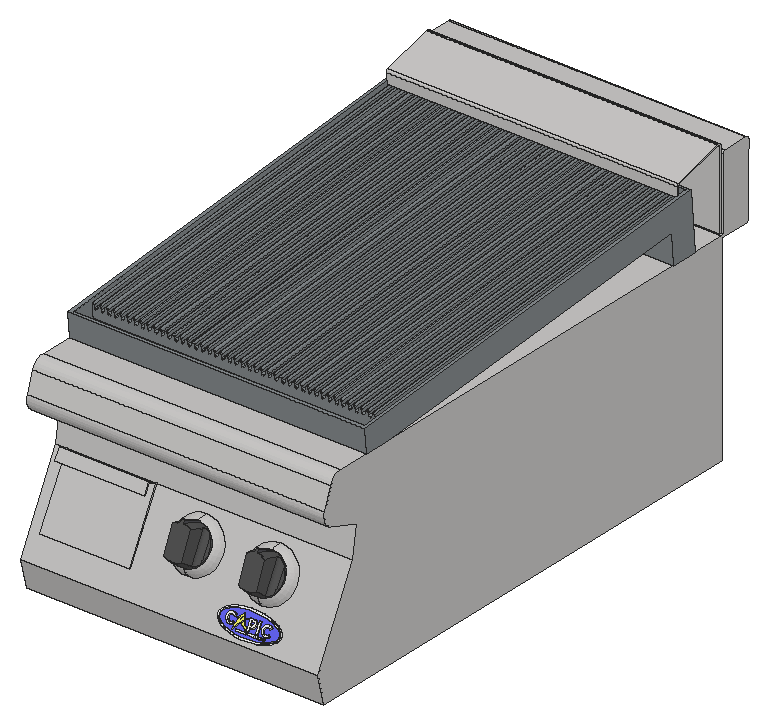
Revit family "QF_CAPIC_AVEN_W540911", category Equipement spécialisé, Revit 2018
Family settings
  Cote de connecteur circulaire = Utiliser le diamètre
  Type d'élément = Normal
  Numéro OmniClass = 23.40.40.14
  Titre OmniClass = Food Service Equipment
  Basée sur le plan de construction = Non
  Toujours verticalement = Oui
  Couper avec des vides une fois chargée = Non
  Partagée = Non
  Point de calcul de pièce = Non
Parameters (values of type "400 x 725 x 270 mm")
  URL catalogue = "http://www.capic-fr.com/fr/"
  Type de Raccord Plomberie [instance] = ""
  Type de Raccord Electrique [instance] = "Bornier interne"
  Type de Gaz = ""
  Type article [instance] = ""
  Tension = 400 V
  Spécification du Fabricant = ""
  Show Logo = yes
  Remarques evacuation [instance] = ""
  Remarques Plomberie [instance] = ""
  Remarques Electricité [instance] = "400Vx3 +T+N"
  Puissance électrique  = 5000 W
  Puissance Gaz kW = 0
  Profondeur hors tout = 725 mm
  Pression Maximum Eau Adoucie = 0.0 Pa
  Poids net à vide = 45.00 kg
  Phase = 0
  Modèle = "W540911"
  Longueur hors tout = 400 mm
  Intensité nominale = 0 A
  Hauteur hors tout = 390 mm
  Hauteur de Raccordement du Sol Finis = 703 mm
  Hauteur de Raccordement Gaz du Sol Finis = 0 mm
  Hauteur de Raccordement Evacuation Directe du Sol Finis = 0 mm
  Hauteur de Raccordement Eau Froide du Sol Finis = 0 mm
  Hauteur de Raccordement Eau Chaude du Sol Finis = 0 mm
  Hauteur de Raccordement Eau Adoucie du Sol Finis = 0 mm
  Fréquence = 50 Hz
  Fabricant = "CAPIC"
  Débit d'air d'extraction = 0.0 m³/h
  Débit Gaz = 0.0 L/s
  Débit Eau Froide = 0.0 L/s
  Débit Eau Chaude = 0.0 L/s
  Débit Eau Adoucie = 0.0 L/s
  Diamètre de Raccordement Gaz = 0 mm
  Diamètre de Raccordement Evacuation = 0 mm
  Diamètre de Raccordement Eau Froide = 0 mm
  Diamètre de Raccordement Eau Chaude = 0 mm
  Diamètre de Raccordement Eau Adoucie = 0 mm
  Description = "Grill fonte nervuré"
  Assembly Code = ""
  Classification  Omniclass nombre et titre = "23.40.40.14"
Reference planes
  plane 1 "Centre (avant/arrière)": y = 0
  plane 2: z = 0
  plane 3 "Centre (gauche/droite)": x = 0
  plane 4: x = 400
Forms (mm)
  Extrusion 1, solid, material "QF_Stainless Steel-Brushed"
    sketch origin (0, -45.05, 638) x (0, 1, 0) y (0, 0, 1)
      loop
        line (1.05, 270.397) -> (-641.347, 270.397)
        arc (-641.347, 270.397) -> (-651.671, 267.142) -> (-658.261, 258.553) r 18
        line (-658.261, 258.553) -> (-667.837, 232.245)
        arc (-667.837, 232.245) -> (-667.236, 218.482) -> (-657.078, 209.174) r 18
        line (-657.078, 209.174) -> (-613.251, 193.222) -> (-619.754, 152.161) -> (-680.074, 38.717) -> (-668.972, 0) -> (0, 0) -> (0, 268.397) -> (42.05, 268.397) -> (44.05, 270.397) -> (44.05, 356.397) -> (45.05, 356.397) -> (45.05, 368.397)
        arc (45.05, 368.397) -> (43.878, 371.225) -> (41.05, 372.397) r 4
        line (41.05, 372.397) -> (7.05, 372.397)
        arc (7.05, 372.397) -> (4.222, 371.225) -> (3.05, 368.397) r 4
        line (3.05, 368.397) -> (3.05, 272.397)
        arc (3.05, 272.397) -> (2.464, 270.983) -> (1.05, 270.397) r 2
    from 0 to 400
  Extrusion 2, solid, material "QF_Cast Iron"
    sketch origin (0, 258.019, -182.231) x (0, 0.996195, 0.087156) y (0, -0.087156, 0.996195)
      loop
        line (-251.64, 1196.809) -> (-801.64, 1196.809) -> (-801.64, 1164.928) -> (-765.992, 1161.809) -> (-286.64, 1161.809) -> (-286.64, 1119.871) -> (-251.64, 1116.809) -> (-251.64, 1196.809)
    from 0 to 400
  Extrusion 3, void
    sketch origin (0, 258.019, -182.231) x (0, 0.996195, 0.087156) y (0, -0.087156, 0.996195)
      loop
        line (-255.64, 1196.809) -> (-797.64, 1196.809) -> (-797.64, 1171.809) -> (-255.64, 1171.809) -> (-255.64, 1196.809)
    from 4 to 396
  Extrusion 4, solid, material "QF_Cast Iron"
    sketch origin (0, 258.019, -182.231) x (1, 0, 0) y (0, -0.087156, 0.996195)
      loop
        line (4, 1171.809) -> (396, 1171.809) -> (396, 1191.809) -> (393, 1191.809)
        arc (393, 1191.809) -> (391.586, 1191.223) -> (391, 1189.809) r 2
        line (391, 1189.809) -> (391, 1186.809)
        arc (391, 1186.809) -> (390.414, 1185.395) -> (389, 1184.809) r 2
        line (389, 1184.809) -> (388, 1184.809)
        arc (388, 1184.809) -> (386.586, 1185.395) -> (386, 1186.809) r 2
        line (386, 1186.809) -> (386, 1189.809)
        arc (386, 1189.809) -> (385.414, 1191.223) -> (384, 1191.809) r 2
        arc (384, 1191.809) -> (382.586, 1191.223) -> (382, 1189.809) r 2
        line (382, 1189.809) -> (382, 1186.809)
        arc (382, 1186.809) -> (381.414, 1185.395) -> (380, 1184.809) r 2
        line (380, 1184.809) -> (379, 1184.809)
        arc (379, 1184.809) -> (377.586, 1185.395) -> (377, 1186.809) r 2
        line (377, 1186.809) -> (377, 1189.809)
        arc (377, 1189.809) -> (376.414, 1191.223) -> (375, 1191.809) r 2
        arc (375, 1191.809) -> (373.586, 1191.223) -> (373, 1189.809) r 2
        line (373, 1189.809) -> (373, 1186.809)
        arc (373, 1186.809) -> (372.414, 1185.395) -> (371, 1184.809) r 2
        line (371, 1184.809) -> (370, 1184.809)
        arc (370, 1184.809) -> (368.586, 1185.395) -> (368, 1186.809) r 2
        line (368, 1186.809) -> (368, 1189.809)
        arc (368, 1189.809) -> (367.414, 1191.223) -> (366, 1191.809) r 2
        arc (366, 1191.809) -> (364.586, 1191.223) -> (364, 1189.809) r 2
        line (364, 1189.809) -> (364, 1186.809)
        arc (364, 1186.809) -> (363.414, 1185.395) -> (362, 1184.809) r 2
        line (362, 1184.809) -> (361, 1184.809)
        arc (361, 1184.809) -> (359.586, 1185.395) -> (359, 1186.809) r 2
        line (359, 1186.809) -> (359, 1189.809)
        arc (359, 1189.809) -> (358.414, 1191.223) -> (357, 1191.809) r 2
        arc (357, 1191.809) -> (355.586, 1191.223) -> (355, 1189.809) r 2
        line (355, 1189.809) -> (355, 1186.809)
        arc (355, 1186.809) -> (354.414, 1185.395) -> (353, 1184.809) r 2
        line (353, 1184.809) -> (352, 1184.809)
        arc (352, 1184.809) -> (350.586, 1185.395) -> (350, 1186.809) r 2
        line (350, 1186.809) -> (350, 1189.809)
        arc (350, 1189.809) -> (349.414, 1191.223) -> (348, 1191.809) r 2
        arc (348, 1191.809) -> (346.586, 1191.223) -> (346, 1189.809) r 2
        line (346, 1189.809) -> (346, 1186.809)
        arc (346, 1186.809) -> (345.414, 1185.395) -> (344, 1184.809) r 2
        line (344, 1184.809) -> (343, 1184.809)
        arc (343, 1184.809) -> (341.586, 1185.395) -> (341, 1186.809) r 2
        line (341, 1186.809) -> (341, 1189.809)
        arc (341, 1189.809) -> (340.414, 1191.223) -> (339, 1191.809) r 2
        arc (339, 1191.809) -> (337.586, 1191.223) -> (337, 1189.809) r 2
        line (337, 1189.809) -> (337, 1186.809)
        arc (337, 1186.809) -> (336.414, 1185.395) -> (335, 1184.809) r 2
        line (335, 1184.809) -> (334, 1184.809)
        arc (334, 1184.809) -> (332.586, 1185.395) -> (332, 1186.809) r 2
        line (332, 1186.809) -> (332, 1189.809)
        arc (332, 1189.809) -> (331.414, 1191.223) -> (330, 1191.809) r 2
        arc (330, 1191.809) -> (328.586, 1191.223) -> (328, 1189.809) r 2
        line (328, 1189.809) -> (328, 1186.809)
        arc (328, 1186.809) -> (327.414, 1185.395) -> (326, 1184.809) r 2
        line (326, 1184.809) -> (325, 1184.809)
        arc (325, 1184.809) -> (323.586, 1185.395) -> (323, 1186.809) r 2
        line (323, 1186.809) -> (323, 1189.809)
        arc (323, 1189.809) -> (322.414, 1191.223) -> (321, 1191.809) r 2
        arc (321, 1191.809) -> (319.586, 1191.223) -> (319, 1189.809) r 2
        line (319, 1189.809) -> (319, 1186.809)
        arc (319, 1186.809) -> (318.414, 1185.395) -> (317, 1184.809) r 2
        line (317, 1184.809) -> (316, 1184.809)
        arc (316, 1184.809) -> (314.586, 1185.395) -> (314, 1186.809) r 2
        line (314, 1186.809) -> (314, 1189.809)
        arc (314, 1189.809) -> (313.414, 1191.223) -> (312, 1191.809) r 2
        arc (312, 1191.809) -> (310.586, 1191.223) -> (310, 1189.809) r 2
        line (310, 1189.809) -> (310, 1186.809)
        arc (310, 1186.809) -> (309.414, 1185.395) -> (308, 1184.809) r 2
        line (308, 1184.809) -> (307, 1184.809)
        arc (307, 1184.809) -> (305.586, 1185.395) -> (305, 1186.809) r 2
        line (305, 1186.809) -> (305, 1189.809)
        arc (305, 1189.809) -> (304.414, 1191.223) -> (303, 1191.809) r 2
        arc (303, 1191.809) -> (301.586, 1191.223) -> (301, 1189.809) r 2
        line (301, 1189.809) -> (301, 1186.809)
        arc (301, 1186.809) -> (300.414, 1185.395) -> (299, 1184.809) r 2
        line (299, 1184.809) -> (298, 1184.809)
        arc (298, 1184.809) -> (296.586, 1185.395) -> (296, 1186.809) r 2
        line (296, 1186.809) -> (296, 1189.809)
        arc (296, 1189.809) -> (295.414, 1191.223) -> (294, 1191.809) r 2
        arc (294, 1191.809) -> (292.586, 1191.223) -> (292, 1189.809) r 2
        line (292, 1189.809) -> (292, 1186.809)
        arc (292, 1186.809) -> (291.414, 1185.395) -> (290, 1184.809) r 2
        line (290, 1184.809) -> (289, 1184.809)
        arc (289, 1184.809) -> (287.586, 1185.395) -> (287, 1186.809) r 2
        line (287, 1186.809) -> (287, 1189.809)
        arc (287, 1189.809) -> (286.414, 1191.223) -> (285, 1191.809) r 2
        arc (285, 1191.809) -> (283.586, 1191.223) -> (283, 1189.809) r 2
        line (283, 1189.809) -> (283, 1186.809)
        arc (283, 1186.809) -> (282.414, 1185.395) -> (281, 1184.809) r 2
        line (281, 1184.809) -> (280, 1184.809)
        arc (280, 1184.809) -> (278.586, 1185.395) -> (278, 1186.809) r 2
        line (278, 1186.809) -> (278, 1189.809)
        arc (278, 1189.809) -> (277.414, 1191.223) -> (276, 1191.809) r 2
        arc (276, 1191.809) -> (274.586, 1191.223) -> (274, 1189.809) r 2
        line (274, 1189.809) -> (274, 1186.809)
        arc (274, 1186.809) -> (273.414, 1185.395) -> (272, 1184.809) r 2
        line (272, 1184.809) -> (271, 1184.809)
        arc (271, 1184.809) -> (269.586, 1185.395) -> (269, 1186.809) r 2
        line (269, 1186.809) -> (269, 1189.809)
        arc (269, 1189.809) -> (268.414, 1191.223) -> (267, 1191.809) r 2
        arc (267, 1191.809) -> (265.586, 1191.223) -> (265, 1189.809) r 2
        line (265, 1189.809) -> (265, 1186.809)
        arc (265, 1186.809) -> (264.414, 1185.395) -> (263, 1184.809) r 2
        line (263, 1184.809) -> (262, 1184.809)
        arc (262, 1184.809) -> (260.586, 1185.395) -> (260, 1186.809) r 2
        line (260, 1186.809) -> (260, 1189.809)
        arc (260, 1189.809) -> (259.414, 1191.223) -> (258, 1191.809) r 2
        arc (258, 1191.809) -> (256.586, 1191.223) -> (256, 1189.809) r 2
        line (256, 1189.809) -> (256, 1186.809)
        arc (256, 1186.809) -> (255.414, 1185.395) -> (254, 1184.809) r 2
        line (254, 1184.809) -> (253, 1184.809)
        arc (253, 1184.809) -> (251.586, 1185.395) -> (251, 1186.809) r 2
        line (251, 1186.809) -> (251, 1189.809)
        arc (251, 1189.809) -> (250.414, 1191.223) -> (249, 1191.809) r 2
        arc (249, 1191.809) -> (247.586, 1191.223) -> (247, 1189.809) r 2
        line (247, 1189.809) -> (247, 1186.809)
        arc (247, 1186.809) -> (246.414, 1185.395) -> (245, 1184.809) r 2
        line (245, 1184.809) -> (244, 1184.809)
        arc (244, 1184.809) -> (242.586, 1185.395) -> (242, 1186.809) r 2
        line (242, 1186.809) -> (242, 1189.809)
        arc (242, 1189.809) -> (241.414, 1191.223) -> (240, 1191.809) r 2
        arc (240, 1191.809) -> (238.586, 1191.223) -> (238, 1189.809) r 2
        line (238, 1189.809) -> (238, 1186.809)
        arc (238, 1186.809) -> (237.414, 1185.395) -> (236, 1184.809) r 2
        line (236, 1184.809) -> (235, 1184.809)
        arc (235, 1184.809) -> (233.586, 1185.395) -> (233, 1186.809) r 2
        line (233, 1186.809) -> (233, 1189.809)
        arc (233, 1189.809) -> (232.414, 1191.223) -> (231, 1191.809) r 2
        arc (231, 1191.809) -> (229.586, 1191.223) -> (229, 1189.809) r 2
        line (229, 1189.809) -> (229, 1186.809)
        arc (229, 1186.809) -> (228.414, 1185.395) -> (227, 1184.809) r 2
        line (227, 1184.809) -> (226, 1184.809)
        arc (226, 1184.809) -> (224.586, 1185.395) -> (224, 1186.809) r 2
        line (224, 1186.809) -> (224, 1189.809)
        arc (224, 1189.809) -> (223.414, 1191.223) -> (222, 1191.809) r 2
        arc (222, 1191.809) -> (220.586, 1191.223) -> (220, 1189.809) r 2
        line (220, 1189.809) -> (220, 1186.809)
        arc (220, 1186.809) -> (219.414, 1185.395) -> (218, 1184.809) r 2
        line (218, 1184.809) -> (217, 1184.809)
        arc (217, 1184.809) -> (215.586, 1185.395) -> (215, 1186.809) r 2
        line (215, 1186.809) -> (215, 1189.809)
        arc (215, 1189.809) -> (214.414, 1191.223) -> (213, 1191.809) r 2
        arc (213, 1191.809) -> (211.586, 1191.223) -> (211, 1189.809) r 2
        line (211, 1189.809) -> (211, 1186.809)
        arc (211, 1186.809) -> (210.414, 1185.395) -> (209, 1184.809) r 2
        line (209, 1184.809) -> (208, 1184.809)
        arc (208, 1184.809) -> (206.586, 1185.395) -> (206, 1186.809) r 2
        line (206, 1186.809) -> (206, 1189.809)
        arc (206, 1189.809) -> (205.414, 1191.223) -> (204, 1191.809) r 2
        arc (204, 1191.809) -> (202.586, 1191.223) -> (202, 1189.809) r 2
        line (202, 1189.809) -> (202, 1186.809)
        arc (202, 1186.809) -> (201.414, 1185.395) -> (200, 1184.809) r 2
        line (200, 1184.809) -> (199, 1184.809)
        arc (199, 1184.809) -> (197.586, 1185.395) -> (197, 1186.809) r 2
        line (197, 1186.809) -> (197, 1189.809)
        arc (197, 1189.809) -> (196.414, 1191.223) -> (195, 1191.809) r 2
        arc (195, 1191.809) -> (193.586, 1191.223) -> (193, 1189.809) r 2
        line (193, 1189.809) -> (193, 1186.809)
        arc (193, 1186.809) -> (192.414, 1185.395) -> (191, 1184.809) r 2
        line (191, 1184.809) -> (190, 1184.809)
        arc (190, 1184.809) -> (188.586, 1185.395) -> (188, 1186.809) r 2
        line (188, 1186.809) -> (188, 1189.809)
        arc (188, 1189.809) -> (187.414, 1191.223) -> (186, 1191.809) r 2
        arc (186, 1191.809) -> (184.586, 1191.223) -> (184, 1189.809) r 2
        line (184, 1189.809) -> (184, 1186.809)
        arc (184, 1186.809) -> (183.414, 1185.395) -> (182, 1184.809) r 2
        line (182, 1184.809) -> (181, 1184.809)
        arc (181, 1184.809) -> (179.586, 1185.395) -> (179, 1186.809) r 2
        line (179, 1186.809) -> (179, 1189.809)
        arc (179, 1189.809) -> (178.414, 1191.223) -> (177, 1191.809) r 2
        arc (177, 1191.809) -> (175.586, 1191.223) -> (175, 1189.809) r 2
        line (175, 1189.809) -> (175, 1186.809)
        arc (175, 1186.809) -> (174.414, 1185.395) -> (173, 1184.809) r 2
        line (173, 1184.809) -> (172, 1184.809)
        arc (172, 1184.809) -> (170.586, 1185.395) -> (170, 1186.809) r 2
        line (170, 1186.809) -> (170, 1189.809)
        arc (170, 1189.809) -> (169.414, 1191.223) -> (168, 1191.809) r 2
        arc (168, 1191.809) -> (166.586, 1191.223) -> (166, 1189.809) r 2
        line (166, 1189.809) -> (166, 1186.809)
        arc (166, 1186.809) -> (165.414, 1185.395) -> (164, 1184.809) r 2
        line (164, 1184.809) -> (163, 1184.809)
        arc (163, 1184.809) -> (161.586, 1185.395) -> (161, 1186.809) r 2
        line (161, 1186.809) -> (161, 1189.809)
        arc (161, 1189.809) -> (160.414, 1191.223) -> (159, 1191.809) r 2
        arc (159, 1191.809) -> (157.586, 1191.223) -> (157, 1189.809) r 2
        line (157, 1189.809) -> (157, 1186.809)
        arc (157, 1186.809) -> (156.414, 1185.395) -> (155, 1184.809) r 2
        line (155, 1184.809) -> (154, 1184.809)
        arc (154, 1184.809) -> (152.586, 1185.395) -> (152, 1186.809) r 2
        line (152, 1186.809) -> (152, 1189.809)
        arc (152, 1189.809) -> (151.414, 1191.223) -> (150, 1191.809) r 2
        arc (150, 1191.809) -> (148.586, 1191.223) -> (148, 1189.809) r 2
        line (148, 1189.809) -> (148, 1186.809)
        arc (148, 1186.809) -> (147.414, 1185.395) -> (146, 1184.809) r 2
        line (146, 1184.809) -> (145, 1184.809)
        arc (145, 1184.809) -> (143.586, 1185.395) -> (143, 1186.809) r 2
        line (143, 1186.809) -> (143, 1189.809)
        arc (143, 1189.809) -> (142.414, 1191.223) -> (141, 1191.809) r 2
        arc (141, 1191.809) -> (139.586, 1191.223) -> (139, 1189.809) r 2
        line (139, 1189.809) -> (139, 1186.809)
        arc (139, 1186.809) -> (138.414, 1185.395) -> (137, 1184.809) r 2
        line (137, 1184.809) -> (136, 1184.809)
        arc (136, 1184.809) -> (134.586, 1185.395) -> (134, 1186.809) r 2
        line (134, 1186.809) -> (134, 1189.809)
        arc (134, 1189.809) -> (133.414, 1191.223) -> (132, 1191.809) r 2
        arc (132, 1191.809) -> (130.586, 1191.223) -> (130, 1189.809) r 2
        line (130, 1189.809) -> (130, 1186.809)
        arc (130, 1186.809) -> (129.414, 1185.395) -> (128, 1184.809) r 2
        line (128, 1184.809) -> (127, 1184.809)
        arc (127, 1184.809) -> (125.586, 1185.395) -> (125, 1186.809) r 2
        line (125, 1186.809) -> (125, 1189.809)
        arc (125, 1189.809) -> (124.414, 1191.223) -> (123, 1191.809) r 2
        arc (123, 1191.809) -> (121.586, 1191.223) -> (121, 1189.809) r 2
        line (121, 1189.809) -> (121, 1186.809)
        arc (121, 1186.809) -> (120.414, 1185.395) -> (119, 1184.809) r 2
        line (119, 1184.809) -> (118, 1184.809)
        arc (118, 1184.809) -> (116.586, 1185.395) -> (116, 1186.809) r 2
        line (116, 1186.809) -> (116, 1189.809)
        arc (116, 1189.809) -> (115.414, 1191.223) -> (114, 1191.809) r 2
        arc (114, 1191.809) -> (112.586, 1191.223) -> (112, 1189.809) r 2
        line (112, 1189.809) -> (112, 1186.809)
        arc (112, 1186.809) -> (111.414, 1185.395) -> (110, 1184.809) r 2
        line (110, 1184.809) -> (109, 1184.809)
        arc (109, 1184.809) -> (107.586, 1185.395) -> (107, 1186.809) r 2
        line (107, 1186.809) -> (107, 1189.809)
        arc (107, 1189.809) -> (106.414, 1191.223) -> (105, 1191.809) r 2
        arc (105, 1191.809) -> (103.586, 1191.223) -> (103, 1189.809) r 2
        line (103, 1189.809) -> (103, 1186.809)
        arc (103, 1186.809) -> (102.414, 1185.395) -> (101, 1184.809) r 2
        line (101, 1184.809) -> (100, 1184.809)
        arc (100, 1184.809) -> (98.586, 1185.395) -> (98, 1186.809) r 2
        line (98, 1186.809) -> (98, 1189.809)
        arc (98, 1189.809) -> (97.414, 1191.223) -> (96, 1191.809) r 2
        arc (96, 1191.809) -> (94.586, 1191.223) -> (94, 1189.809) r 2
        line (94, 1189.809) -> (94, 1186.809)
        arc (94, 1186.809) -> (93.414, 1185.395) -> (92, 1184.809) r 2
        line (92, 1184.809) -> (91, 1184.809)
        arc (91, 1184.809) -> (89.586, 1185.395) -> (89, 1186.809) r 2
        line (89, 1186.809) -> (89, 1189.809)
        arc (89, 1189.809) -> (88.414, 1191.223) -> (87, 1191.809) r 2
        arc (87, 1191.809) -> (85.586, 1191.223) -> (85, 1189.809) r 2
        line (85, 1189.809) -> (85, 1186.809)
        arc (85, 1186.809) -> (84.414, 1185.395) -> (83, 1184.809) r 2
        line (83, 1184.809) -> (82, 1184.809)
        arc (82, 1184.809) -> (80.586, 1185.395) -> (80, 1186.809) r 2
        line (80, 1186.809) -> (80, 1189.809)
        arc (80, 1189.809) -> (79.414, 1191.223) -> (78, 1191.809) r 2
        arc (78, 1191.809) -> (76.586, 1191.223) -> (76, 1189.809) r 2
        line (76, 1189.809) -> (76, 1186.809)
        arc (76, 1186.809) -> (75.414, 1185.395) -> (74, 1184.809) r 2
        line (74, 1184.809) -> (73, 1184.809)
        arc (73, 1184.809) -> (71.586, 1185.395) -> (71, 1186.809) r 2
        line (71, 1186.809) -> (71, 1189.809)
        arc (71, 1189.809) -> (70.414, 1191.223) -> (69, 1191.809) r 2
        arc (69, 1191.809) -> (67.586, 1191.223) -> (67, 1189.809) r 2
        line (67, 1189.809) -> (67, 1186.809)
        arc (67, 1186.809) -> (66.414, 1185.395) -> (65, 1184.809) r 2
        line (65, 1184.809) -> (64, 1184.809)
        arc (64, 1184.809) -> (62.586, 1185.395) -> (62, 1186.809) r 2
        line (62, 1186.809) -> (62, 1189.809)
        arc (62, 1189.809) -> (61.414, 1191.223) -> (60, 1191.809) r 2
        arc (60, 1191.809) -> (58.586, 1191.223) -> (58, 1189.809) r 2
        line (58, 1189.809) -> (58, 1186.809)
        arc (58, 1186.809) -> (57.414, 1185.395) -> (56, 1184.809) r 2
        line (56, 1184.809) -> (55, 1184.809)
        arc (55, 1184.809) -> (53.586, 1185.395) -> (53, 1186.809) r 2
        line (53, 1186.809) -> (53, 1189.809)
        arc (53, 1189.809) -> (52.414, 1191.223) -> (51, 1191.809) r 2
        arc (51, 1191.809) -> (49.586, 1191.223) -> (49, 1189.809) r 2
        line (49, 1189.809) -> (49, 1186.809)
        arc (49, 1186.809) -> (48.414, 1185.395) -> (47, 1184.809) r 2
        line (47, 1184.809) -> (46, 1184.809)
        arc (46, 1184.809) -> (44.586, 1185.395) -> (44, 1186.809) r 2
        line (44, 1186.809) -> (44, 1189.809)
        arc (44, 1189.809) -> (43.414, 1191.223) -> (42, 1191.809) r 2
        arc (42, 1191.809) -> (40.586, 1191.223) -> (40, 1189.809) r 2
        line (40, 1189.809) -> (40, 1186.809)
        arc (40, 1186.809) -> (39.414, 1185.395) -> (38, 1184.809) r 2
        line (38, 1184.809) -> (37, 1184.809)
        arc (37, 1184.809) -> (35.586, 1185.395) -> (35, 1186.809) r 2
        line (35, 1186.809) -> (35, 1189.809)
        arc (35, 1189.809) -> (34.414, 1191.223) -> (33, 1191.809) r 2
        arc (33, 1191.809) -> (31.586, 1191.223) -> (31, 1189.809) r 2
        line (31, 1189.809) -> (31, 1186.809)
        arc (31, 1186.809) -> (30.414, 1185.395) -> (29, 1184.809) r 2
        line (29, 1184.809) -> (28, 1184.809)
        arc (28, 1184.809) -> (26.586, 1185.395) -> (26, 1186.809) r 2
        line (26, 1186.809) -> (26, 1189.809)
        arc (26, 1189.809) -> (25.414, 1191.223) -> (24, 1191.809) r 2
        arc (24, 1191.809) -> (22.586, 1191.223) -> (22, 1189.809) r 2
        line (22, 1189.809) -> (22, 1186.809)
        arc (22, 1186.809) -> (21.414, 1185.395) -> (20, 1184.809) r 2
        line (20, 1184.809) -> (19, 1184.809)
        arc (19, 1184.809) -> (17.586, 1185.395) -> (17, 1186.809) r 2
        line (17, 1186.809) -> (17, 1189.809)
        arc (17, 1189.809) -> (16.414, 1191.223) -> (15, 1191.809) r 2
        arc (15, 1191.809) -> (13.586, 1191.223) -> (13, 1189.809) r 2
        line (13, 1189.809) -> (13, 1186.809)
        arc (13, 1186.809) -> (12.414, 1185.395) -> (11, 1184.809) r 2
        line (11, 1184.809) -> (10, 1184.809)
        arc (10, 1184.809) -> (8.586, 1185.395) -> (8, 1186.809) r 2
        line (8, 1186.809) -> (8, 1189.809)
        arc (8, 1189.809) -> (7.414, 1191.223) -> (6, 1191.809) r 2
        line (6, 1191.809) -> (4, 1191.809) -> (4, 1171.809)
    from 255.64 to 767.481
  Extrusion 5, solid, material "QF_Stainless Steel-Brushed"
    sketch origin (0, 0, 0) x (0, 1, 0) y (0, 0, 1)
      loop
        line (-664.804, 790.161) -> (-678.048, 797.204) -> (-685.091, 783.959) -> (-684.208, 783.49) -> (-677.635, 795.851) -> (-666.157, 789.748) -> (-710.287, 706.751) -> (-709.404, 706.281) -> (-664.804, 790.161)
    from 15 to 135
  Extrusion 6, solid, material "QF_Stainless Steel-Brushed"
    sketch origin (0, 12.118, -115.316) x (0, 1, 0) y (0, 0, 1)
      loop
        line (-54.118, 1024.543) -> (-54.118, 1130.633)
        arc (-54.118, 1130.633) -> (-55.292, 1133.013) -> (-57.895, 1133.531) r 3
        line (-57.895, 1133.531) -> (-123.895, 1115.846)
        arc (-123.895, 1115.846) -> (-125.498, 1114.775) -> (-126.118, 1112.948) r 3
        line (-126.118, 1112.948) -> (-126.118, 1099.543) -> (-125.118, 1099.543) -> (-125.118, 1112.948)
        arc (-125.118, 1112.948) -> (-124.705, 1114.166) -> (-123.636, 1114.88) r 2
        line (-123.636, 1114.88) -> (-57.636, 1132.565)
        arc (-57.636, 1132.565) -> (-55.901, 1132.22) -> (-55.118, 1130.633) r 2
        line (-55.118, 1130.633) -> (-55.118, 1024.543) -> (-54.118, 1024.543)
    from 4 to 396
Cuts and joins
  Extrusion 3 cuts Extrusion 2
Dimensions and locks
  "Longueur hors tout": plane 3 "Centre (gauche/droite)" to plane 4
  aligned and locked: level to plane 2
  aligned and locked: plane 4 to Extrusion 1
  aligned and locked: Extrusion 1 to plane 3 "Centre (gauche/droite)"
Automatic sketch dimensions
  level to Extrusion 1 sketch curve = 638 mm
  plane 1 "Centre (avant/arrière)" to Extrusion 1 sketch curve = 45.05 mm
  level to Extrusion 1 sketch curve = 831.222 mm
  plane 1 "Centre (avant/arrière)" to Extrusion 1 sketch curve = 658.301 mm
  level to Extrusion 1 sketch curve = 790.161 mm
  Extrusion 1 sketch curve to Extrusion 1 sketch curve = 6.503 mm
  Extrusion 1 sketch curve to Extrusion 1 sketch curve = 28.096 mm
  Extrusion 1 sketch curve to Extrusion 1 sketch curve = 9.575 mm
  level to Extrusion 1 sketch curve = 847.174 mm
  Extrusion 1 sketch curve to Extrusion 1 sketch curve = 6.156 mm  (x2)
  level to Extrusion 1 sketch curve = 896.553 mm
  Extrusion 1 sketch curve to Extrusion 1 sketch curve = 16.914 mm  (x2)
  level to Extrusion 1 sketch curve = 870.245 mm
  Extrusion 1 sketch curve to Extrusion 1 sketch curve = 49.218 mm
  level to Extrusion 1 sketch curve = 676.717 mm
  Extrusion 1 sketch curve to Extrusion 1 sketch curve = 11.102 mm
  plane 1 "Centre (avant/arrière)" to Extrusion 1 sketch curve = 44 mm
  plane 1 "Centre (avant/arrière)" to Extrusion 1 sketch curve = 42 mm
  Extrusion 1 sketch curve to Extrusion 1 sketch curve = 4 mm  (x2)
  Extrusion 1 sketch curve to Extrusion 1 sketch curve = 34 mm
  Extrusion 1 sketch curve to Extrusion 1 sketch curve = 39 mm
  Extrusion 1 sketch curve to Extrusion 1 sketch curve = 3 mm
  Extrusion 1 sketch curve to Extrusion 1 sketch curve = 1 mm
  Extrusion 1 sketch curve to Extrusion 1 sketch curve = 2 mm
  Extrusion 1 sketch curve to Extrusion 1 sketch curve = 86 mm
  Extrusion 1 sketch curve to Extrusion 1 sketch curve = 12 mm
  plane 1 "Centre (avant/arrière)" to Extrusion 2 sketch curve = 642.101 mm
  level to Extrusion 2 sketch curve = 908.397 mm
  Extrusion 2 sketch curve to Extrusion 2 sketch curve = 35.648 mm
  Extrusion 2 sketch curve to Extrusion 2 sketch curve = 479.352 mm
  Extrusion 2 sketch curve to Extrusion 2 sketch curve = 35 mm  (x2)
  Extrusion 2 sketch curve to Extrusion 2 sketch curve = 3.119 mm
  Extrusion 2 sketch curve to Extrusion 2 sketch curve = 41.938 mm
  Extrusion 2 sketch curve to Extrusion 2 sketch curve = 3.062 mm
  plane 1 "Centre (avant/arrière)" to Extrusion 3 sketch curve = 640.895 mm
  level to Extrusion 3 sketch curve = 940.505 mm
  Extrusion 3 sketch curve to Extrusion 3 sketch curve = 542 mm
  Extrusion 3 sketch curve to Extrusion 3 sketch curve = 25 mm
  Extrusion 4 sketch curve to Extrusion 4 sketch curve = 0 mm  (x84)
  plane 3 "Centre (gauche/droite)" to Extrusion 4 sketch curve = 4 mm
  Extrusion 4 sketch curve to Extrusion 4 sketch curve = 2 mm  (x171)
  Extrusion 4 sketch curve to Extrusion 4 sketch curve = 1 mm  (x43)
  Extrusion 4 sketch curve to plane 4 = 4 mm
  Extrusion 4 sketch curve to Extrusion 4 sketch curve = 13 mm  (x3)
  Extrusion 4 sketch curve to Extrusion 4 sketch curve = 3 mm  (x44)
  plane 1 "Centre (avant/arrière)" to Extrusion 5 sketch curve = 710.287 mm
  Extrusion 5 sketch curve to Extrusion 5 sketch curve = 11.892 mm
  Extrusion 5 sketch curve to Extrusion 5 sketch curve = 0.469 mm  (x2)
  Extrusion 5 sketch curve to Extrusion 5 sketch curve = 26.079 mm
  Extrusion 5 sketch curve to Extrusion 5 sketch curve = 0.413 mm
  Extrusion 5 sketch curve to Extrusion 5 sketch curve = 7.456 mm
  level to Extrusion 5 sketch curve = 706.281 mm
  Extrusion 5 sketch curve to Extrusion 5 sketch curve = 0.883 mm
  Extrusion 6 sketch curve to Extrusion 6 sketch curve = 0 mm  (x4)
  plane 1 "Centre (avant/arrière)" to Extrusion 6 sketch curve = 114 mm
  Extrusion 6 sketch curve to Extrusion 6 sketch curve = 1.224 mm
  Extrusion 6 sketch curve to Extrusion 6 sketch curve = 0.259 mm  (x2)
  Extrusion 6 sketch curve to Extrusion 6 sketch curve = 2 mm
  plane 1 "Centre (avant/arrière)" to Extrusion 6 sketch curve = 45.776 mm
  Extrusion 6 sketch curve to Extrusion 6 sketch curve = 0.518 mm
  plane 1 "Centre (avant/arrière)" to Extrusion 6 sketch curve = 43 mm
  Extrusion 6 sketch curve to Extrusion 6 sketch curve = 1 mm
  level to Extrusion 6 sketch curve = 909.227 mm
  Extrusion 6 sketch curve to Extrusion 6 sketch curve = 75 mm
  Extrusion 6 sketch curve to Extrusion 6 sketch curve = 13.406 mm
  Extrusion 6 sketch curve to Extrusion 6 sketch curve = 0.966 mm
  Extrusion 6 sketch curve to Extrusion 6 sketch curve = 17.685 mm
Nested families
  nested 1: "QF_Details_LogoCapic" at (300, -713.73, 698.145) x (1, 0, 0) z (0, -0.8829, 0.4695), visible <- "Show Logo", type "QF_Details_LogoCapic"
  nested 2: "QF_Details_BoutonCde_face" at (310, -685.811, 750.653) x (1, 0, 0) z (0, -0.8829, 0.4695), type "QF_Details_BoutonCde_face"
  nested 3: "QF_Details_BoutonCde_face" at (210, -685.811, 750.653) x (1, 0, 0) z (0, -0.8829, 0.4695), type "QF_Details_BoutonCde_face"
Definition of nested family "QF_Details_LogoCapic"
  Parameters (values of type "QF_Details_LogoCapic")
    Default Elevation = 1219.2 mm
  Reference planes
    plane 1 "Centre (avant/arrière)": y = 0
    plane 2: z = 0
    plane 3 "Centre (gauche/droite)": x = 0
  Forms (mm)
    Extrusion 1, solid
      sketch origin (0, 0, 0) x (1, 0, 0) y (0, 1, 0)
        loop
          line (-1219.2, 1219.2) -> (-1219.2, -1219.2) -> (1219.2, -1219.2) -> (1219.2, 1219.2) -> (-1219.2, 1219.2)
      from 0 to -304.8
    Extrusion 2, solid
      sketch origin (0, 0, 0) x (1, 0, 0) y (0, 1, 0)
        loop
          spline (42.486, 0) -> (41.038, 4.53) -> (36.793, 8.751) -> (30.041, 12.376) -> (21.24, 15.157) -> (10.992, 16.906) -> (-0.005, 17.502) -> (-11.003, 16.906) -> (-21.251, 15.157) -> (-30.051, 12.376) -> (-36.804, 8.751) -> (-41.048, 4.53) -> (-42.496, 0)
          spline (-42.496, 0) -> (-41.048, -4.53) -> (-36.804, -8.751) -> (-30.051, -12.376) -> (-21.251, -15.157) -> (-11.003, -16.906) -> (-0.005, -17.502) -> (10.992, -16.906) -> (21.24, -15.157) -> (30.041, -12.376) -> (36.793, -8.751) -> (41.038, -4.53) -> (42.486, 0)
        loop
          spline (40.459, 0) -> (39.08, 4.005) -> (35.038, 7.737) -> (28.607, 10.942) -> (20.227, 13.401) -> (10.468, 14.947) -> (-0.005, 15.474) -> (-10.478, 14.947) -> (-20.237, 13.401) -> (-28.618, 10.942) -> (-35.048, 7.737) -> (-39.091, 4.005) -> (-40.47, 0)
          spline (-40.47, 0) -> (-39.091, -4.005) -> (-35.048, -7.737) -> (-28.618, -10.942) -> (-20.237, -13.401) -> (-10.478, -14.947) -> (-0.005, -15.474) -> (10.468, -14.947) -> (20.227, -13.401) -> (28.607, -10.942) -> (35.038, -7.737) -> (39.08, -4.005) -> (40.459, 0)
      from 0 to 1
    Extrusion 3, solid
      sketch origin (0, 0, 0) x (1, 0, 0) y (0, 1, 0)
        loop
          spline (-40.47, 0) -> (-39.085, -4.012) -> (-35.047, -7.734) -> (-28.617, -10.941) -> (-20.237, -13.401) -> (-10.478, -14.946) -> (-0.005, -15.474) -> (10.468, -14.947) -> (20.227, -13.401) -> (28.606, -10.942) -> (35.038, -7.737) -> (39.081, -4.004) -> (40.459, 0)
          spline (40.459, 0) -> (39.075, 4.012) -> (35.037, 7.734) -> (28.607, 10.941) -> (20.227, 13.401) -> (10.467, 14.946) -> (-0.005, 15.474) -> (-10.478, 14.947) -> (-20.237, 13.401) -> (-28.617, 10.942) -> (-35.048, 7.737) -> (-39.091, 4.004) -> (-40.47, 0)
      from 0 to 1
    Extrusion 4, solid
      sketch origin (0, 0, 0.5) x (1, 0, 0) y (0, 1, 0)
        loop
          line (-20.944, 3.897) -> (-18.992, 5.849)
          arc (-18.992, 5.849) -> (-30.967, 0.712) -> (-18.902, -4.211) r 7.063
          line (-18.902, -4.211) -> (-20.854, -2.259)
          arc (-20.854, -2.259) -> (-28.207, 0.712) -> (-20.944, 3.897) r 4.303
      from 0 to 1
    Extrusion 5, solid
      sketch origin (0, 0, 0.5) x (1, 0, 0) y (0, 1, 0)
        loop
          line (-1.061, 7.837) -> (-1.061, -6.288) -> (1.738, -6.288) -> (1.738, -2.065) -> (4.782, -2.065)
          spline (4.782, -2.065) -> (5.836, -1.896) -> (6.819, -1.402) -> (7.663, -0.615) -> (8.311, 0.411) -> (8.718, 1.605) -> (8.856, 2.886) -> (8.718, 4.168) -> (8.311, 5.362) -> (7.663, 6.387) -> (6.819, 7.174) -> (5.836, 7.669) -> (4.782, 7.837)
          line (4.782, 7.837) -> (-1.061, 7.837)
        loop
          line (1.738, 5.077) -> (1.738, 0.775) -> (4.418, 0.775)
          spline (4.418, 0.775) -> (4.819, 0.848) -> (5.193, 1.063) -> (5.514, 1.405) -> (5.761, 1.85) -> (5.916, 2.369) -> (5.969, 2.926) -> (5.916, 3.483) -> (5.761, 4.002) -> (5.514, 4.447) -> (5.193, 4.789) -> (4.819, 5.004) -> (4.418, 5.077)
          line (4.418, 5.077) -> (1.738, 5.077)
      from 0 to 1
    Extrusion 6, solid
      sketch origin (0, 0, 0.5) x (1, 0, 0) y (0, 1, 0)
        loop
          line (11.122, 7.837) -> (11.122, -6.288) -> (14.009, -6.288) -> (14.009, 7.837) -> (11.122, 7.837)
      from 0 to 1
    Extrusion 7, solid
      sketch origin (47.835, 0, 0.5) x (1, 0, 0) y (0, 1, 0)
        loop
          line (-20.944, 3.897) -> (-18.992, 5.849)
          arc (-18.992, 5.849) -> (-30.967, 0.712) -> (-18.902, -4.211) r 7.063
          line (-18.902, -4.211) -> (-20.854, -2.259)
          arc (-20.854, -2.259) -> (-28.207, 0.712) -> (-20.944, 3.897) r 4.303
      from 0 to 1
    Extrusion 8, solid
      sketch origin (0, 0, 0.5) x (1, 0, 0) y (0, 1, 0)
        loop
          line (-14.086, -8.467) -> (-14.086, -10.703) -> (-0.382, -10.703) -> (-0.382, -8.467) -> (-14.086, -8.467)
        loop
          line (1.692, -7.694) -> (1.692, -10.703) -> (10.598, -10.703) -> (10.598, -7.694) -> (1.692, -7.694)
        loop
          circle (14.095, -9.117) r 1.311
        loop
          circle (18.365, -9.117) r 1.311
        loop
          circle (22.635, -9.117) r 1.311
      from 0 to 1
    Extrusion 9, solid
      sketch origin (0, 0, 0.5) x (1, 0, 0) y (0, 1, 0)
        loop
          arc (-10.078, 10.027) -> (-16.152, 0.742) -> (-18.987, -9.985) r 34.734
          arc (-18.987, -9.985) -> (-13.545, -2.96) -> (-7.054, 3.109) r 55.667
          line (-7.054, 3.109) -> (-10.078, 10.027)
        loop
          line (-10.891, 5.813) -> (-12.476, 3.068) -> (-9.306, 3.068) -> (-10.891, 5.813)
      from 0 to 1
    Extrusion 10, solid
      sketch origin (0, 0, 0.5) x (1, 0, 0) y (0, 1, 0)
        loop
          line (-17.978, 3.413) -> (-16.228, 2.092) -> (-14.209, 5.589) -> (-17.978, 3.413)
        loop
          line (-7.246, 5.196) -> (-6.474, 3.433) -> (-3.608, 5.838) -> (-7.246, 5.196)
        loop
          line (-10.905, -1.415) -> (-2.534, -6.652) -> (-6.862, 2.629) -> (-10.905, -1.415)
      from 0 to 1
  Dimensions and locks
    aligned and locked: plane 2 to Extrusion 1
    aligned and locked: level to Extrusion 1
Definition of nested family "QF_Details_BoutonCde_face"
  Parameters (values of type "QF_Details_BoutonCde_face")
    Default Elevation = 1219.2 mm
  Reference planes
    plane 1 "Centre (avant/arrière)": y = 0
    plane 2: z = 0
    plane 3 "Centre (gauche/droite)": x = 0
  Forms (mm)
    Extrusion 1, solid
      sketch origin (0, 0, 0) x (1, 0, 0) y (0, 1, 0)
        loop
          line (-1219.2, 1219.2) -> (-1219.2, -1219.2) -> (1219.2, -1219.2) -> (1219.2, 1219.2) -> (-1219.2, 1219.2)
      from 0 to -304.8
    Revolve 2, solid
      sketch origin (0, -424.122, 22.212) x (0, 0, -1) y (0, 1, 0)
        loop
          arc (5.871, 449.971) -> (-8.423, 448.326) -> (-22.417, 444.983) r 120.076
          line (-22.417, 444.983) -> (-22.417, 424.125) -> (5.871, 424.125) -> (5.871, 449.971)
        axis (5.871, 424.125) -> (-22.417, 424.125)
      angle from 0 to 360
    Extrusion 3, void
      sketch origin (0, -424.122, 22.212) x (1, 0, 0) y (0, 0, -1)
        loop
          line (-20.046, 5.019) -> (-26.533, 5.019) -> (-26.533, -26.12) -> (-11.799, -26.12) -> (-12.009, -22.113) -> (-13.084, -1.588)
          arc (-13.084, -1.588) -> (-15.247, 3.104) -> (-20.046, 5.019) r 6.971
      from 398.385 to 449.971
    Extrusion 4, void
      sketch origin (0, -424.122, 22.212) x (-1, 0, 0) y (0, 0, 1)
        loop
          arc (-20.046, -5.019) -> (-15.247, -3.104) -> (-13.084, 1.588) r 6.971
          line (-13.084, 1.588) -> (-12.009, 22.113) -> (-11.799, 26.12) -> (-26.533, 26.12) -> (-26.533, -5.019) -> (-20.046, -5.019)
      from 398.385 to 449.971
    Extrusion 5, solid
      sketch origin (0, -424.122, 22.212) x (1, 0, 0) y (0, 1, 0)
        loop
          line (-1.769, 450.075) -> (-1.769, 444.575) -> (1.769, 444.575) -> (1.769, 450.075) -> (-1.769, 450.075)
      from -5.871 to 22.417
    Revolve 6, solid
      sketch origin (0, -424.122, 22.212) x (0, 0, -1) y (0, 1, 0)
        loop
          arc (17.212, 458.76) -> (10.984, 455.085) -> (5.871, 449.971) r 28.739
          line (5.871, 449.971) -> (5.871, 424.122) -> (17.212, 424.122) -> (17.212, 458.76)
        axis (17.212, 424.122) -> (5.871, 424.122)
      angle from 0 to 360
    Extrusion 7, void
      sketch origin (0, -597.063, -962.31) x (0, 0.156434, -0.987688) y (0, 0.987688, 0.156434)
        loop
          line (-897.081, 772.866) -> (-914.868, 772.866) -> (-914.868, 714.91) -> (-901.134, 714.91) -> (-897.081, 772.866)
      from -22.625 to 23.018
  Cuts and joins
    Extrusion 3, Extrusion 4, Extrusion 7 cuts Revolve 2
    Extrusion 7 cuts Extrusion 5
    joined: Revolve 2, Extrusion 5
  Dimensions and locks
    aligned and locked: plane 2 to Extrusion 1
    aligned and locked: level to Extrusion 1
